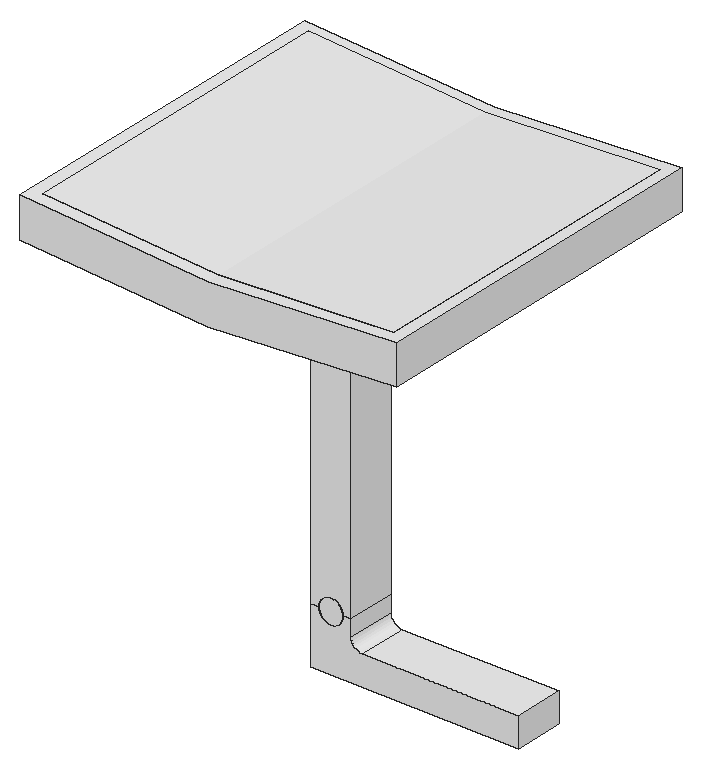
Revit family "Shaving_Mirror-Grohe-40808000", category Specialty Equipment, host Face, Revit 2018
Family settings
  Host = Face
  Round Connector Dimension = Use Diameter
  Part Type = Normal
  OmniClass Number = 23.40.95.17.17
  OmniClass Title = Mirrors
  Cut with Voids When Loaded = No
  Shared = Yes
  Room Calculation Point = No
Parameters (values of type "40808000")
  Width = 19 cm
  Warranty Information = "Lifetime Limited Warranty"  # constant formula
  URL = "https://www.grohe.us/"
  Type Comments = ""
  Region = "North America"  # constant formula
  Product Page URL = "https://www.grohe.us/Soap-Dishes-Holders/Shaving-Mirror/GROHE-CHROME-40808000"
  Product Documentation Link = "https://americanstandard.box.com/shared/static/s6xndprk62dnjym0mhgqillwiga3ctvb.pdf"
  Price = "Prices may vary. Please consult Manufacturer Representative for most up-to-date price list."  # constant formula
  Model = "40808000"
  Material = "Metal-Grohe-000-Starlight Chrome"
  Manufacturer = "Grohe"  # constant formula
  Length = 21.7415 cm
  Installation Type = "Wall Mounted"  # constant formula
  Height = 18 cm
  Description = "SELECTION CUBE Shaving Glass"  # constant formula
  Default Elevation = 0 cm
  Creation Date = "06/04/2021"  # constant formula
  Body Material = Metal-Grohe-000-Starlight Chrome
  Assembly Code = "E1090900"
Reference planes (cm)
  plane 1 "Center (Front/Back)": y = 0
  plane 2: z = 0
  plane 3 "Center (Left/Right)": x = 0
  plane 4: x = 5.25
  plane 5: x = -5.25
  plane 6: y = 1.25
  plane 7: y = -1.25
  plane 8: x = -3.25
  plane 9: x = -4.25
  plane 10: x = -13.75
  plane 11: z = 21.7415
  plane 12: y = 9
  plane 13: y = -9
Forms (cm)
  Extrusion 1, solid, material "Metal-Grohe-000-Starlight Chrome" <- "Body Material"
    sketch origin (0, 0, 0) x (1, 0, 0) y (0, 0, 1)
      loop
        line (5.25, 0) -> (5.25, 1.4842) -> (-2.6726, 1.4842)
        arc (-2.6726, 1.4842) -> (-3.0809, 1.6533) -> (-3.25, 2.0615) r 0.5774
        line (-3.25, 2.0615) -> (-3.25, 2.8478) -> (-3.6448, 2.8478)
        arc (-3.6448, 2.8478) -> (-4.25, 2.2416) -> (-4.8552, 2.8478) r 0.6052
        line (-4.8552, 2.8478) -> (-5.25, 2.8478) -> (-5.25, 0) -> (5.25, 0)
    from -1.25 to 1.25
  Extrusion 2, solid, material "Metal-Grohe-000-Starlight Chrome" <- "Body Material"
    sketch origin (0.2302, 0, 0) x (1, 0, 0) y (0, 0, 1)
      loop
        circle (-4.4802, 2.8478) r 0.6052
    from -1.25 to 1.25
  Extrusion 3, solid, material "Metal-Grohe-000-Starlight Chrome" <- "Body Material"
    sketch origin (0, 0, 12) x (1, 0, 0) y (0, 0, 1)
      loop
        circle (-4.25, 2.8478) r 0.6052
    from -1.25 to 1.25
  Extrusion 4, solid, material "Metal-Grohe-000-Starlight Chrome" <- "Body Material"
    sketch origin (0, 0, 0) x (1, 0, 0) y (0, 0, 1)
      loop
        arc (-4.8552, 2.8478) -> (-4.25, 3.4531) -> (-3.6448, 2.8478) r 0.6052
        line (-3.6448, 2.8478) -> (-3.25, 2.8478) -> (-3.25, 14.8478) -> (-3.6448, 14.8478)
        arc (-3.6448, 14.8478) -> (-4.25, 14.2426) -> (-4.8552, 14.8478) r 0.6052
        line (-4.8552, 14.8478) -> (-5.25, 14.8478) -> (-5.25, 2.8478) -> (-4.8552, 2.8478)
    from -1.25 to 1.25
  Extrusion 5, solid, material "Metal-Grohe-000-Starlight Chrome" <- "Body Material"
    sketch origin (0, 0, 0) x (1, 0, 0) y (0, 0, 1)
      loop
        line (-3.25, 19.2415) -> (-5.25, 19.2415) -> (-5.25, 14.8478) -> (-4.8552, 14.8478)
        arc (-4.8552, 14.8478) -> (-4.25, 15.4531) -> (-3.6448, 14.8478) r 0.6052
        line (-3.6448, 14.8478) -> (-3.25, 14.8478) -> (-3.25, 19.2415)
    from -1.25 to 1.25
  Extrusion 6, solid, material "Metal-Grohe-000-Starlight Chrome" <- "Body Material"
    sketch origin (0, 0, 0) x (1, 0, 0) y (0, 0, 1)
      loop
        arc (5.25, 21.7415) -> (-4.25, 21.1447) -> (-13.75, 21.7415) r 75.9078
        line (-13.75, 21.7415) -> (-13.75, 19.7415)
        arc (-13.75, 19.7415) -> (-4.25, 19.1447) -> (5.25, 19.7415) r 75.9078
        line (5.25, 19.7415) -> (5.25, 21.7415)
    from -9 to 9
  Extrusion 7, solid, material "Glass-Grohe-Clear"
    sketch origin (0, 0, 0) x (1, 0, 0) y (0, 0, 1)
      loop
        arc (4.6446, 21.7094) -> (-4.231, 21.2204) -> (-13.103, 21.7724) r 75.9078
        line (-13.103, 21.7724) -> (-13.103, 19.6627)
        arc (-13.103, 19.6627) -> (-4.229, 19.1447) -> (4.6446, 19.6676) r 75.9078
        line (4.6446, 19.6676) -> (4.6446, 21.7094)
    from -8.4111 to 8.3959
Lines and regions (cm)
  Masking region 1
    outline origin (0, 0, 0) x (1, 0, 0) y (0, 0, 1)
      loop
        arc (-2.6726, 1.4842) -> (-3.0809, 1.6533) -> (-3.25, 2.0615) r 0.5774
        line (-3.25, 2.0615) -> (-3.25, 2.8478) -> (-3.25, 14.8478) -> (-3.25, 19.1513)
        arc (-3.25, 19.1513) -> (1.0083, 19.327) -> (5.25, 19.7415) r 75.9078
        line (5.25, 19.7415) -> (5.25, 21.7415)
        arc (5.25, 21.7415) -> (-4.25, 21.1447) -> (-13.75, 21.7415) r 75.9078
        line (-13.75, 21.7415) -> (-13.75, 19.7415)
        arc (-13.75, 19.7415) -> (-9.5083, 19.327) -> (-5.25, 19.1513) r 75.9078
        line (-5.25, 19.1513) -> (-5.25, 14.8478) -> (-5.25, 2.8478) -> (-5.25, 0) -> (5.25, 0) -> (5.25, 1.4842) -> (-2.6726, 1.4842)
  symbolic lines, detail levels fine
    curve 1: line (-5.25, 0, 2.8478) -> (-4.8552, 0, 2.8478)
    curve 2: circle (-4.25, 0, 2.8478) r 0.6052 normal (0, 1, 0)
    curve 3: line (-3.6448, 0, 2.8478) -> (-3.25, 0, 2.8478)
    curve 4: line (-3.6448, 0, 14.8478) -> (-3.25, 0, 14.8478)
    curve 5: circle (-4.25, 0, 14.8478) r 0.6052 normal (0, 1, 0)
    curve 6: line (-5.25, 0, 14.8478) -> (-4.8552, 0, 14.8478)
Dimensions and locks (cm)
  plane 4 to plane 10 = 19 cm
  host face to plane 11 = 21.7415 cm
  "Length": plane 11 to host face
  "Height": plane 13 to plane 12
  "Width": plane 10 to plane 4
  aligned and locked: plane 2 to host face
  aligned and locked: level to host face
  aligned and locked: plane 9 to Extrusion 3 sketch curve
  aligned and locked: plane 9 to Extrusion 2 sketch curve
  aligned and locked: plane 9 to Extrusion 1 sketch curve
  aligned and locked: Extrusion 4 sketch curve to Extrusion 2
  aligned and locked: plane 8 to Extrusion 5 sketch curve
  aligned and locked: Extrusion 4 to Extrusion 5 sketch curve
  aligned and locked: Extrusion 5 sketch curve to Extrusion 4
  aligned and locked: Extrusion 5 sketch curve to Extrusion 3
  aligned and locked: Extrusion 5 to plane 6
  aligned and locked: plane 7 to Extrusion 5
  aligned and locked: Extrusion 4 to plane 6
  aligned and locked: plane 7 to Extrusion 4
  aligned and locked: plane 7 to Extrusion 3
  aligned and locked: Extrusion 3 to plane 6
  aligned and locked: plane 7 to Extrusion 1
  aligned and locked: Extrusion 1 to plane 6
  aligned and locked: Extrusion 2 to plane 6
  aligned and locked: plane 7 to Extrusion 2
  aligned and locked: Extrusion 6 to plane 12
  aligned and locked: plane 13 to Extrusion 6
  aligned and locked: Masking region 1 sketch curve to Extrusion 1  (x5)
  aligned and locked: Masking region 1 sketch curve to Extrusion 4  (x2)
  aligned and locked: Extrusion 5 to Masking region 1 sketch curve
  aligned and locked: Masking region 1 sketch curve to Extrusion 6  (x2)
  aligned and locked: Masking region 1 sketch curve to Extrusion 5
  aligned and locked: curve 3 to Extrusion 4
  aligned and locked: curve 6 to Extrusion 5
Automatic sketch dimensions
  host sketch curve to host sketch curve = 243.84 cm  (x2)
  Extrusion 1 sketch curve to level = 0 cm
  Extrusion 1 sketch curve to plane 5 = 0 cm
  Extrusion 1 sketch curve to plane 8 = 0 cm
  Extrusion 1 sketch curve to plane 4 = 0 cm
  plane 5 to Extrusion 1 sketch curve = 0.3948 cm
  Extrusion 1 sketch curve to plane 8 = 0.3948 cm
  plane 8 to Extrusion 1 sketch curve = 0.5774 cm
  Extrusion 1 sketch curve to Extrusion 1 sketch curve = 1.4842 cm
  Extrusion 1 sketch curve to Extrusion 1 sketch curve = 0.7853 cm
  Extrusion 1 sketch curve to Extrusion 1 sketch curve = 0.001 cm
  level to Extrusion 2 sketch curve = 2.8478 cm
  Extrusion 3 sketch curve to plane 11 = 6.8937 cm
  Extrusion 4 sketch curve to plane 5 = 0 cm
  Extrusion 4 sketch curve to plane 9 = 0 cm
  Extrusion 4 sketch curve to plane 8 = 0 cm
  Extrusion 4 sketch curve to Extrusion 4 sketch curve = 0.3948 cm
  Extrusion 4 sketch curve to plane 11 = 6.8937 cm
  Extrusion 5 sketch curve to plane 11 = 2.5 cm
  plane 10 to Extrusion 6 sketch curve = 0 cm
  Extrusion 6 sketch curve to plane 9 = 0 cm  (x2)
  Extrusion 6 sketch curve to plane 4 = 0 cm
  Extrusion 6 sketch curve to plane 11 = 0 cm
  Extrusion 6 sketch curve to Extrusion 6 sketch curve = 2 cm  (x2)
  plane 11 to Extrusion 6 sketch curve = 73.311 cm
  Extrusion 7 sketch curve to plane 9 = 0 cm
  Extrusion 7 sketch curve to plane 10 = 0.647 cm
  plane 9 to Extrusion 7 sketch curve = 0.2883 cm
  Extrusion 7 sketch curve to plane 4 = 0.6054 cm
  Extrusion 7 sketch curve to plane 11 = 2.0788 cm
  Extrusion 7 sketch curve to Extrusion 7 sketch curve = 0.0049 cm
  Extrusion 7 sketch curve to plane 11 = 0.0321 cm
  Extrusion 7 sketch curve to Extrusion 7 sketch curve = 2.1097 cm
  Masking region 1 sketch curve to Masking region 1 sketch curve = 0 cm  (x5)
  plane 10 to Masking region 1 sketch curve = 0 cm
  Masking region 1 sketch curve to plane 9 = 0 cm
  plane 8 to Masking region 1 sketch curve = 0.5774 cm
  Masking region 1 sketch curve to Masking region 1 sketch curve = 0.7863 cm
  Masking region 1 sketch curve to plane 11 = 6.8937 cm
  Masking region 1 sketch curve to plane 11 = 2.5902 cm
  Masking region 1 sketch curve to Masking region 1 sketch curve = 2 cm
  curve 6 to plane 5 = 0 cm
  curve 1 to plane 5 = 0 cm
  curve 2 to plane 9 = 0 cm
  curve 5 to plane 9 = 0 cm
  curve 4 to plane 8 = 0 cm
  curve 3 to plane 8 = 0 cm
  plane 5 to curve 6 = 0.3948 cm
  curve 3 to plane 8 = 0.3948 cm
  curve 2 to curve 3 = 0 cm
  curve 1 to curve 2 = 0 cm
  curve 4 to curve 6 = 0 cm
  curve 5 to curve 4 = 0 cm
  radius of Extrusion 2 sketch curve = 0.6052 cm
  radius of Extrusion 3 sketch curve = 0.6052 cm
